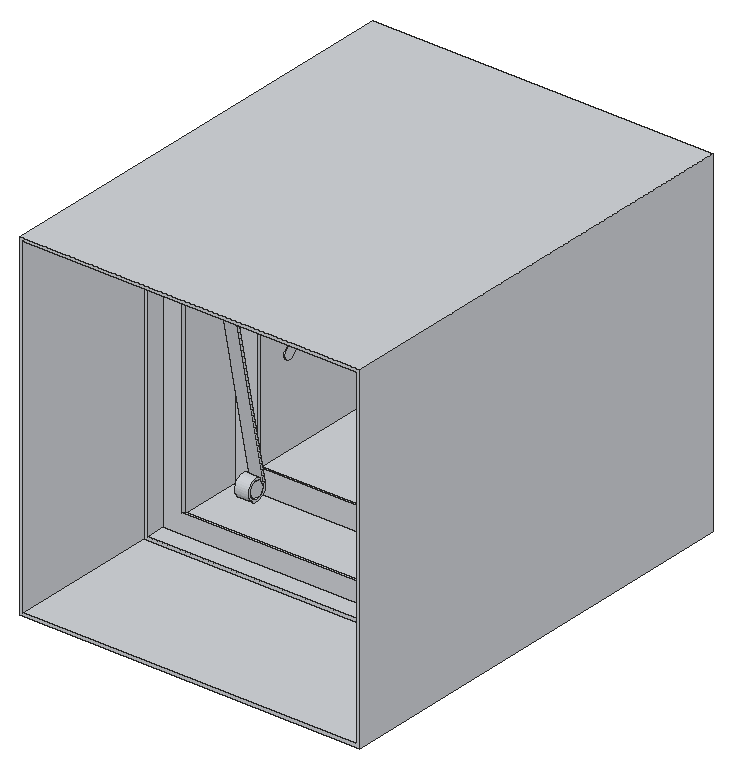
Revit family "IBDFS-AH f", category Duct Accessories, Revit 2017
Family settings
  Round Connector Dimension = Use Diameter
  Part Type = Damper
  Work Plane-Based = No
  Always vertical = Yes
  Cut with Voids When Loaded = No
  Shared = No
Parameters (values of type "Default")
  Width(A) [instance] = if(A < 100 mm, 100 mm, if(A > 1200 mm, 1200 mm, A))  # 300 mm
  Min. C = "390mm"
  Min. B = "180mm"
  Min. A = "100mm"
  Max. C = "700mm"
  Max. B = "1200mm"
  Max. A = "1200mm"
  Height(B) [instance] = if(B < 180 mm, 180 mm, if(B > 1200 mm, 1200 mm, B))  # 300 mm
  Finish = none
  Depth(C) [instance] = if(C < 390 mm, 390 mm, if(C > 700 mm, 700 mm, C))  # 390 mm
  C [instance] = 202 mm
  B [instance] = 300 mm
  A [instance] = 300 mm
Reference planes
  plane 1 "Center (Front/Back)": y = 0
  plane 2: z = 0
  plane 3 "Center (Left/Right)": x = 0
  plane 4: z = 150
  plane 5: z = -150
  plane 6: x = 150
  plane 7: x = -150
  plane 8: y = 195
  plane 9: y = -195
  plane 10: z = 147.5
  plane 11: x = -147.5
  plane 12: z = -147.5
  plane 13: x = 147.5
  plane 14: z = 147.5
  plane 15: z = 77.5
  plane 16: y = -36
  plane 17: y = 34
  plane 18: y = 34
  plane 19: x = -147.5
  plane 20: x = 147.5
  plane 21: z = -147.5
  plane 22: z = 147.5
  plane 23: x = -120
  plane 24: x = -132
  plane 25: z = 77.296
  plane 26: z = 77.296
  plane 27: x = 120
  plane 28: x = 132
Forms (mm)
  Extrusion 1, solid, material <- "Finish"
    sketch origin (0, -101, 0) x (1, 0, 0) y (0, 0, 1)
      loop
        line (150, 150) -> (-150, 150) -> (-150, -150) -> (150, -150) -> (150, 150)
      loop
        line (-147.5, 147.5) -> (-147.5, -147.5) -> (147.5, -147.5) -> (147.5, 147.5) -> (-147.5, 147.5)
    from -296 to 94
  Extrusion 2, solid, material <- "Finish"
    sketch origin (147.5, -1, 112.5) x (0, 1, 0) y (0, 0, 1)
      loop
        line (-35, -35) -> (35, -35) -> (35, -30.551)
        arc (35, -30.551) -> (41.312, -25.727) -> (35, -20.902) r 5
        line (35, -20.902) -> (35, -12.551)
        arc (35, -12.551) -> (41.312, -7.727) -> (35, -2.902) r 5
        line (35, -2.902) -> (35, 5.449)
        arc (35, 5.449) -> (41.312, 10.273) -> (35, 15.098) r 5
        line (35, 15.098) -> (35, 23.449)
        arc (35, 23.449) -> (41.312, 28.273) -> (35, 33.098) r 5
        line (35, 33.098) -> (35, 35) -> (-35, 35) -> (-35, 33.016)
        arc (-35, 33.016) -> (-41.12, 30.457) -> (-35, 27.899) r 3.595
        line (-35, 27.899) -> (-35, 18.016)
        arc (-35, 18.016) -> (-41.12, 15.457) -> (-35, 12.899) r 3.595
        line (-35, 12.899) -> (-35, 3.016)
        arc (-35, 3.016) -> (-41.12, 0.457) -> (-35, -2.101) r 3.595
        line (-35, -2.101) -> (-35, -11.984)
        arc (-35, -11.984) -> (-41.12, -14.543) -> (-35, -17.101) r 3.595
        line (-35, -17.101) -> (-35, -26.984)
        arc (-35, -26.984) -> (-41.12, -29.543) -> (-35, -32.101) r 3.595
        line (-35, -32.101) -> (-35, -35)
    from 0 to -295
  Sweep 3, solid, material <- "Finish"
    path origin (0, 0, 0) x (1, 0, 0) y (0, 0, 1)
      loop
        line (147.5, 147.5) -> (-147.5, 147.5) -> (-147.5, -147.5) -> (147.5, -147.5) -> (147.5, 147.5)
    profile origin (0, 0, 147.5) x (0, 0, -1) y (0, -1, 0)
      loop
        line (0, 61) -> (0, 41) -> (20, 41) -> (20, 44) -> (3, 44) -> (3, 61) -> (0, 61)
      loop
        line (20, -39) -> (0, -39) -> (0, -59) -> (3, -59) -> (3, -42) -> (20, -42) -> (20, -39)
  Extrusion 4, solid, material <- "Finish"
    sketch origin (10, -64.424, 91) x (0, 0, 1) y (0, -1, 0)
      loop
        line (56.5, 0) -> (56.5, 15) -> (55, 15) -> (55, 1.5) -> (0, 1.5) -> (0, 15) -> (-1.5, 15) -> (-1.5, 0) -> (56.5, 0)
      loop
        line (56.5, -142.097) -> (56.5, -127.097) -> (-1.5, -127.097) -> (-1.5, -142.097) -> (0, -142.097) -> (0, -128.597) -> (55, -128.597) -> (55, -142.097) -> (56.5, -142.097)
    from 0 to -20
  Extrusion 5, solid, material <- "Finish"
    sketch origin (0.393, -71.57, 71.923) x (0, 0.999998, -0.001994) y (0, 0.001994, 0.999998)
      loop
        line (139.919, 5.013) -> (0.831, 5.013)
        arc (0.831, 5.013) -> (-5.081, -0.072) -> (0.972, -4.987) r 5.081
        line (0.972, -4.987) -> (139.919, -4.987)
        arc (139.919, -4.987) -> (144.919, 0.013) -> (139.919, 5.013) r 5
    from 0 to -2
  Extrusion 6, solid, material <- "Finish"
    sketch origin (0, -76.441, 71.385) x (0, 0, 1) y (-1, 0, 0)
      loop
        line (17.285, 10) -> (17.285, 3.5) -> (-7.695, 3.5)
        arc (-7.695, 3.5) -> (-8.402, 3.207) -> (-8.695, 2.5) r 1
        line (-8.695, 2.5) -> (-8.695, -2.5)
        arc (-8.695, -2.5) -> (-8.402, -3.207) -> (-7.695, -3.5) r 1
        line (-7.695, -3.5) -> (17.115, -3.5) -> (17.115, -10) -> (18.115, -10) -> (18.115, -3.5)
        arc (18.115, -3.5) -> (17.822, -2.793) -> (17.115, -2.5) r 1
        line (17.115, -2.5) -> (-6.047, -2.5)
        arc (-6.047, -2.5) -> (-6.754, -2.207) -> (-7.047, -1.5) r 1
        line (-7.047, -1.5) -> (-7.047, 1.5)
        arc (-7.047, 1.5) -> (-6.754, 2.207) -> (-6.047, 2.5) r 1
        line (-6.047, 2.5) -> (17.285, 2.5)
        arc (17.285, 2.5) -> (17.993, 2.793) -> (18.285, 3.5) r 1
        line (18.285, 3.5) -> (18.285, 10) -> (17.285, 10)
    from 0 to -10
  Extrusion 7, solid, material <- "Finish"
    sketch origin (1.393, -86.483, 63.404) x (0, 1, 0) y (0, 0, 1)
      loop
        line (23.431, 21.557) -> (8.226, 10.328)
        spline (8.226, 10.328) -> (7.934, 10.371) -> (7.648, 10.37) -> (7.369, 10.33) -> (7.095, 10.259) -> (6.826, 10.163) -> (6.56, 10.048) -> (6.298, 9.92) -> (6.039, 9.785) -> (5.782, 9.651) -> (5.525, 9.523) -> (5.269, 9.407) -> (5.013, 9.31)
        line (5.013, 9.31) -> (-4.301, 2.549)
        arc (-4.301, 2.549) -> (-4.045, -2.94) -> (1.096, -4.878) r 5
        line (1.096, -4.878) -> (16.107, 6.908)
        arc (16.107, 6.908) -> (13.117, 7.382) -> (13.813, 10.328) r 2.065
        line (13.813, 10.328) -> (25.118, 19.581)
        arc (25.118, 19.581) -> (24.639, 20.88) -> (23.431, 21.557) r 2
      loop
        circle (-1.74, -2.277) r 0.75
    from 0 to -1
  Extrusion 8, solid, material <- "Finish"
    sketch origin (1.393, 83.238, 63.227) x (0, -0.00691, 0.999976) y (0, -0.999976, -0.00691)
      loop
        line (10.328, 8.226) -> (21.557, 23.431)
        arc (21.557, 23.431) -> (20.88, 24.639) -> (19.581, 25.118) r 2
        line (19.581, 25.118) -> (10.328, 13.813)
        arc (10.328, 13.813) -> (7.382, 13.117) -> (6.908, 16.107) r 2.065
        line (6.908, 16.107) -> (-4.878, 1.096)
        arc (-4.878, 1.096) -> (-2.94, -4.045) -> (2.549, -4.301) r 5
        line (2.549, -4.301) -> (9.31, 5.013)
        spline (9.31, 5.013) -> (9.407, 5.269) -> (9.523, 5.525) -> (9.651, 5.782) -> (9.785, 6.039) -> (9.92, 6.298) -> (10.048, 6.56) -> (10.163, 6.826) -> (10.259, 7.095) -> (10.33, 7.369) -> (10.37, 7.648) -> (10.371, 7.934) -> (10.328, 8.226)
      loop
        circle (-2.278, -1.747) r 0.75
    from 0 to -1
  Extrusion 9, solid, material <- "Finish"
    sketch origin (3.393, -71.652, 71.936) x (0, 0.999998, -0.001994) y (0, 0.001994, 0.999998)
      loop
        circle (140.004, 0.003) r 1.5
      loop
        circle (0, 0.001) r 1.5
    from 0 to -8
  Extrusion 10, solid, material <- "Finish"
    sketch origin (0, 63.348, 71.385) x (1, 0, 0) y (0, 0, 1)
      loop
        line (-3.5, 18.115) -> (-10, 18.115) -> (-10, 17.115) -> (-3.5, 17.115) -> (-3.5, -7.695)
        arc (-3.5, -7.695) -> (-3.207, -8.402) -> (-2.5, -8.695) r 1
        line (-2.5, -8.695) -> (2.5, -8.695)
        arc (2.5, -8.695) -> (3.207, -8.402) -> (3.5, -7.695) r 1
        line (3.5, -7.695) -> (3.5, 17.285) -> (10, 17.285) -> (10, 18.285) -> (3.5, 18.285)
        arc (3.5, 18.285) -> (2.793, 17.993) -> (2.5, 17.285) r 1
        line (2.5, 17.285) -> (2.5, -6.047)
        arc (2.5, -6.047) -> (2.207, -6.754) -> (1.5, -7.047) r 1
        line (1.5, -7.047) -> (-1.5, -7.047)
        arc (-1.5, -7.047) -> (-2.207, -6.754) -> (-2.5, -6.047) r 1
        line (-2.5, -6.047) -> (-2.5, 17.115)
        arc (-2.5, 17.115) -> (-2.793, 17.822) -> (-3.5, 18.115) r 1
    from 0 to -10
  Extrusion 11, solid, material <- "Finish"
    sketch origin (-120, 28.905, -138.183) x (0, 1, 0) y (0, 0, 1)
      loop
        line (-36.243, 207.895) -> (7.42, 1.57)
        arc (7.42, 1.57) -> (7.543, 0.789) -> (7.584, 0) r 7.584
        arc (7.584, 0) -> (-6.313, -4.204) -> (2.924, 6.998) r 7.584
        line (2.924, 6.998) -> (3.898, 7.968)
        arc (3.898, 7.968) -> (-7.58, -5.239) -> (9.212, -0.317) r 9.117
        arc (9.212, -0.317) -> (9.162, 0.632) -> (9.014, 1.57) r 9.117
        line (9.014, 1.57) -> (-34.463, 207.02)
        arc (-34.463, 207.02) -> (-36.373, 211.726) -> (-39.794, 215.479) r 14.43
        line (-39.794, 215.479) -> (-44.348, 215.479)
        arc (-44.348, 215.479) -> (-39.102, 212.963) -> (-36.243, 207.895) r 9.687
      loop
        line (-4.217, -5.758) -> (2.862, -6.357) -> (6.919, -0.526) -> (3.898, 5.903) -> (-3.18, 6.502) -> (-7.237, 0.671) -> (-4.217, -5.758)
    from 0 to -12
  Extrusion 12, solid, material <- "Finish"
    sketch origin (120, 28.905, -138.183) x (0, 1, 0) y (0, 0, -1)
      loop
        line (7.42, -1.57) -> (-36.243, -207.895)
        arc (-36.243, -207.895) -> (-39.102, -212.963) -> (-44.348, -215.479) r 9.687
        line (-44.348, -215.479) -> (-39.794, -215.479)
        arc (-39.794, -215.479) -> (-36.373, -211.726) -> (-34.463, -207.02) r 14.43
        line (-34.463, -207.02) -> (9.014, -1.57)
        arc (9.014, -1.57) -> (9.162, -0.632) -> (9.212, 0.317) r 9.117
        arc (9.212, 0.317) -> (-7.58, 5.239) -> (3.898, -7.968) r 9.117
        line (3.898, -7.968) -> (2.924, -6.998)
        arc (2.924, -6.998) -> (-6.313, 4.204) -> (7.584, 0) r 7.584
        arc (7.584, 0) -> (7.543, -0.789) -> (7.42, -1.57) r 7.584
      loop
        line (-3.18, -6.502) -> (3.898, -5.903) -> (6.919, 0.526) -> (2.862, 6.357) -> (-4.217, 5.758) -> (-7.237, -0.671) -> (-3.18, -6.502)
    from 0 to -12
  Extrusion 13, void
    sketch origin (0, 0, 0) x (0, 1, 0) y (0, 0, 1)
      loop
        arc (-69.941, 76.595) -> (-71.441, 77.819) -> (-72.941, 76.595) r 1.531
        line (-72.941, 76.595) -> (-72.941, 59.545) -> (-69.941, 59.545) -> (-69.941, 76.595)
      loop
        arc (69.848, 76.595) -> (68.348, 77.814) -> (66.848, 76.595) r 1.532
        line (66.848, 76.595) -> (66.848, 59.545) -> (69.848, 59.545) -> (69.848, 76.595)
    from -3.5 to 3.5
Cuts and joins
  Extrusion 13 cuts Extrusion 6
  Extrusion 13 cuts Extrusion 10
Dimensions and locks
  "Width(A)": plane 7 to plane 6
  "Height(B)": plane 4 to plane 5
  equal spacing: plane 7, plane 3 "Center (Left/Right)", plane 6
  equal spacing: plane 4, level, plane 5
  "Depth(C)": plane 9 to plane 8
  equal spacing: plane 9, plane 1 "Center (Front/Back)", plane 8
  locked: plane 4 to plane 10 at 2.5
  locked: plane 12 to plane 5 at 2.5
  locked: plane 7 to plane 11 at 2.5
  locked: plane 6 to plane 13 at 2.5
  locked: plane 6 to plane 20 at 2.5
  locked: plane 7 to plane 19 at 2.5
  locked: plane 15 to plane 14 at 70
  locked: plane 4 to plane 14 at 2.5
  locked: plane 4 to plane 22 at 2.5
  locked: plane 21 to plane 5 at 2.5
  locked: plane 7 to plane 23 at 30
  locked: plane 24 to plane 23 at 12
  locked: Extrusion 4 sketch curve to Extrusion 4 sketch curve at 1.5  (x6)
  locked: Extrusion 4 sketch curve to Extrusion 4 sketch curve at 55  (x2)
  locked: Extrusion 5 sketch curve to Extrusion 5 sketch curve at 10
  locked: plane 4 to Extrusion 5 sketch curve at 78.077
  locked: plane 4 to Extrusion 5 sketch curve at 78.343
  locked: plane 4 to Extrusion 9 sketch curve at 78.063
  locked: plane 4 to Extrusion 9 sketch curve at 78.341
  locked: Extrusion 6 sketch curve to Extrusion 6 sketch curve at 1  (x2)
  locked: Extrusion 10 to Extrusion 10 at 1.647
  locked: plane 4 to Extrusion 6 sketch curve at 60.329
  locked: Extrusion 10 sketch curve to Extrusion 10 sketch curve at 1  (x2)
  locked: Extrusion 10 sketch curve to Extrusion 10 sketch curve at 1.647
  locked: plane 4 to Extrusion 10 sketch curve at 60.5
  locked: plane 4 to Extrusion 10 sketch curve at 60.329
  locked: Extrusion 10 sketch curve to Extrusion 10 sketch curve at 24.162
  locked: Extrusion 5 sketch curve to plane 1 "Center (Front/Back)" at 71.57
  locked: plane 1 "Center (Front/Back)" to Extrusion 5 sketch curve at 68.348
  locked: Extrusion 9 sketch curve to plane 1 "Center (Front/Back)" at 71.652
  locked: plane 1 "Center (Front/Back)" to Extrusion 9 sketch curve at 68.352
  locked: Extrusion 13 sketch curve to Extrusion 13 sketch curve at 16.742
  locked: Extrusion 13 sketch curve to Extrusion 13 sketch curve at 16.736
  locked: Extrusion 13 sketch curve to plane 4 at 90.455  (x2)
  locked: Extrusion 13 to Extrusion 13 at 7
  locked: Extrusion 13 to plane 3 "Center (Left/Right)" at 3.5
  locked: Extrusion 13 sketch curve to Extrusion 13 sketch curve at 3  (x2)
  locked: plane 1 "Center (Front/Back)" to Extrusion 13 sketch curve at 69.848
  locked: Extrusion 13 sketch curve to plane 1 "Center (Front/Back)" at 72.941
  locked: plane 4 to Extrusion 7 sketch curve at 67.015
  locked: plane 4 to Extrusion 7 sketch curve at 88.874
  locked: Extrusion 7 sketch curve to plane 1 "Center (Front/Back)" at 63.365
  locked: Extrusion 7 sketch curve to plane 1 "Center (Front/Back)" at 88.223
  locked: plane 4 to Extrusion 8 sketch curve at 89.039
  locked: plane 4 to Extrusion 8 sketch curve at 67.351
  locked: plane 1 "Center (Front/Back)" to Extrusion 8 sketch curve at 59.985
  locked: plane 1 "Center (Front/Back)" to Extrusion 8 sketch curve at 85.001
  locked: Extrusion 11 sketch curve to plane 25 at 9.589
  locked: Extrusion 11 sketch curve to plane 25 at 11.446
  locked: plane 25 to plane 4 at 72.704
  locked: plane 5 to Extrusion 11 sketch curve at 11.5
  locked: plane 5 to Extrusion 11 sketch curve at 11.817
  locked: plane 1 "Center (Front/Back)" to Extrusion 11 sketch curve at 28.905
  locked: plane 1 "Center (Front/Back)" to Extrusion 11 sketch curve at 29
  locked: Extrusion 11 sketch curve to plane 1 "Center (Front/Back)" at 16.815
  locked: Extrusion 11 sketch curve to plane 1 "Center (Front/Back)" at 19.675
  locked: plane 26 to plane 4 at 72.704
  locked: plane 4 to Extrusion 12 sketch curve at 82.293
  locked: Extrusion 12 sketch curve to plane 1 "Center (Front/Back)" at 16.815
  locked: Extrusion 12 sketch curve to plane 1 "Center (Front/Back)" at 19.675
  locked: plane 4 to Extrusion 12 sketch curve at 84.15
  locked: plane 5 to Extrusion 12 sketch curve at 11.817
  locked: plane 1 "Center (Front/Back)" to Extrusion 12 sketch curve at 28.905
  locked: plane 5 to Extrusion 12 sketch curve at 11.5
  locked: plane 1 "Center (Front/Back)" to Extrusion 12 sketch curve at 29
  plane 27 to plane 28 = 12 mm
  locked: plane 27 to plane 6 at 30
  locked: Extrusion 4 sketch curve to plane 1 "Center (Front/Back)" at 64.424
  locked: plane 1 "Center (Front/Back)" to Extrusion 4 sketch curve at 62.673
  locked: Extrusion 4 sketch curve to Extrusion 4 sketch curve at 13.5  (x2)
  aligned and locked: level to plane 2
  aligned and locked: plane 4 to Extrusion 1 sketch curve
  aligned and locked: plane 6 to Extrusion 1 sketch curve
  aligned and locked: plane 5 to Extrusion 1 sketch curve
  aligned and locked: plane 7 to Extrusion 1 sketch curve
  aligned and locked: Extrusion 1 sketch curve to plane 10
  aligned and locked: plane 13 to Extrusion 1 sketch curve
  aligned and locked: plane 12 to Extrusion 1 sketch curve
  aligned and locked: Extrusion 1 sketch curve to plane 11
  aligned and locked: Extrusion 1 to plane 8
  aligned and locked: plane 9 to Extrusion 1
  aligned and locked: Extrusion 2 sketch curve to plane 14
  aligned and locked: plane 15 to Extrusion 2 sketch curve
  aligned and locked: plane 16 to Extrusion 2 sketch curve  (x6)
  aligned and locked: Extrusion 2 sketch curve to plane 18  (x5)
  aligned and locked: plane 19 to Extrusion 2
  aligned and locked: Extrusion 2 to plane 20
  aligned and locked: Sweep 3 sketch curve to plane 19
  aligned and locked: Sweep 3 sketch curve to plane 22
  aligned and locked: Sweep 3 sketch curve to plane 20
  aligned and locked: Sweep 3 sketch curve to plane 21
  aligned and locked: Extrusion 4 sketch curve to plane 22  (x2)
  aligned and locked: Extrusion 11 sketch curve to plane 25
  aligned and locked: plane 26 to Extrusion 12 sketch curve
  aligned and locked: plane 24 to Extrusion 11
  aligned and locked: Extrusion 11 to plane 23
  aligned and locked: plane 27 to Extrusion 12
  aligned and locked: Extrusion 12 to plane 28
Automatic sketch dimensions
  plane 16 to Extrusion 2 sketch curve = 2.525 mm  (x5)
  plane 17 to Extrusion 2 sketch curve = 1.312 mm  (x4)
  Extrusion 2 sketch curve to plane 15 = 2.899 mm
  Extrusion 2 sketch curve to Extrusion 2 sketch curve = 4.449 mm
  Extrusion 2 sketch curve to Extrusion 2 sketch curve = 2.559 mm  (x5)
  Extrusion 2 sketch curve to Extrusion 2 sketch curve = 4.825 mm  (x4)
  Extrusion 2 sketch curve to Extrusion 2 sketch curve = 9.883 mm  (x3)
  Extrusion 2 sketch curve to Extrusion 2 sketch curve = 8.351 mm  (x3)
  plane 14 to Extrusion 2 sketch curve = 7.101 mm
  Sweep 3 sketch curve to profile plane = 0 mm  (x2)
  Sweep 3 sketch curve to Sweep 3 sketch curve = 3 mm  (x4)
  Sweep 3 sketch curve to Sweep 3 sketch curve = 17 mm  (x4)
  Sweep 3 sketch curve to plane 1 "Center (Front/Back)" = 59 mm
  plane 1 "Center (Front/Back)" to Sweep 3 sketch curve = 41 mm
  Extrusion 4 sketch curve to Extrusion 4 sketch curve = 13.5 mm  (x2)
  Extrusion 5 sketch curve to Extrusion 5 sketch curve = 0.831 mm
  Extrusion 6 sketch curve to Extrusion 6 sketch curve = 1 mm  (x5)
  Extrusion 6 sketch curve to Extrusion 6 sketch curve = 0 mm  (x3)
  Extrusion 7 sketch curve to Extrusion 7 sketch curve = 1.74 mm
  Extrusion 7 sketch curve to Extrusion 7 sketch curve = 8.8 mm
  Extrusion 7 sketch curve to Extrusion 7 sketch curve = 3.213 mm
  Extrusion 7 sketch curve to Extrusion 7 sketch curve = 1.275 mm
  Extrusion 6 sketch curve to Extrusion 6 sketch curve = 6.5 mm  (x2)
  Extrusion 6 sketch curve to Extrusion 6 sketch curve = 3 mm
  Extrusion 7 sketch curve to Extrusion 7 sketch curve = 4.301 mm
  Extrusion 7 sketch curve to Extrusion 7 sketch curve = 2.837 mm
  Extrusion 7 sketch curve to Extrusion 7 sketch curve = 0.313 mm
  Extrusion 7 sketch curve to Extrusion 7 sketch curve = 2 mm
  Extrusion 7 sketch curve to Extrusion 7 sketch curve = 2.277 mm
  Extrusion 7 sketch curve to Extrusion 7 sketch curve = 1.018 mm  (x2)
  Extrusion 7 sketch curve to Extrusion 7 sketch curve = 5.013 mm
  Extrusion 7 sketch curve to Extrusion 7 sketch curve = 2.601 mm
  Extrusion 7 sketch curve to Extrusion 7 sketch curve = 6.908 mm
  Extrusion 7 sketch curve to Extrusion 7 sketch curve = 1.624 mm
  Extrusion 7 sketch curve to Extrusion 7 sketch curve = 9.253 mm
  Extrusion 7 sketch curve to Extrusion 7 sketch curve = 0.001 mm
  Extrusion 6 sketch curve to Extrusion 6 sketch curve = 23.162 mm
  Extrusion 6 sketch curve to Extrusion 6 sketch curve = 0.647 mm
  Extrusion 6 sketch curve to plane 3 "Center (Left/Right)" = 2.5 mm
  Extrusion 6 sketch curve to Extrusion 6 sketch curve = 0.171 mm
  Extrusion 10 sketch curve to Extrusion 10 sketch curve = 0 mm  (x3)
  Extrusion 10 sketch curve to Extrusion 10 sketch curve = 1 mm  (x4)
  Extrusion 13 sketch curve to Extrusion 13 sketch curve = 1.5 mm  (x2)
  Extrusion 13 sketch curve to Extrusion 13 sketch curve = 0.308 mm
  Extrusion 13 sketch curve to Extrusion 13 sketch curve = 0.314 mm
  Extrusion 8 sketch curve to Extrusion 8 sketch curve = 2.6 mm
  Extrusion 8 sketch curve to Extrusion 8 sketch curve = 2.278 mm
  Extrusion 8 sketch curve to Extrusion 8 sketch curve = 2.549 mm
  Extrusion 8 sketch curve to Extrusion 8 sketch curve = 6.908 mm
  Extrusion 8 sketch curve to Extrusion 8 sketch curve = 1.624 mm
  Extrusion 8 sketch curve to Extrusion 8 sketch curve = 0.778 mm
  Extrusion 8 sketch curve to Extrusion 8 sketch curve = 1.796 mm
  Extrusion 8 sketch curve to Extrusion 8 sketch curve = 1.018 mm  (x2)
  Extrusion 8 sketch curve to Extrusion 8 sketch curve = 0.001 mm
  Extrusion 8 sketch curve to Extrusion 8 sketch curve = 1.975 mm
  Extrusion 8 sketch curve to Extrusion 8 sketch curve = 1.096 mm
  Extrusion 8 sketch curve to Extrusion 8 sketch curve = 1.747 mm
  Extrusion 8 sketch curve to Extrusion 8 sketch curve = 5.013 mm
  Extrusion 8 sketch curve to Extrusion 8 sketch curve = 3.213 mm
  Extrusion 8 sketch curve to Extrusion 8 sketch curve = 5.587 mm
  Extrusion 8 sketch curve to Extrusion 8 sketch curve = 0.313 mm
  Extrusion 11 sketch curve to Extrusion 11 sketch curve = 0 mm  (x2)
  Extrusion 11 sketch curve to Extrusion 11 sketch curve = 1.372 mm
  Extrusion 11 sketch curve to Extrusion 11 sketch curve = 4.555 mm
  plane 1 "Center (Front/Back)" to Extrusion 11 sketch curve = 7.338 mm
  Extrusion 11 sketch curve to Extrusion 11 sketch curve = 1.78 mm
  plane 21 to Extrusion 11 sketch curve = 9.988 mm
  plane 21 to Extrusion 11 sketch curve = 3.559 mm
  Extrusion 11 sketch curve to Extrusion 11 sketch curve = 3.021 mm
  Extrusion 11 sketch curve to Extrusion 11 sketch curve = 4.057 mm
  Extrusion 11 sketch curve to Extrusion 11 sketch curve = 4.217 mm
  plane 21 to Extrusion 11 sketch curve = 2.961 mm
  Extrusion 11 sketch curve to Extrusion 11 sketch curve = 2.767 mm
  Extrusion 11 sketch curve to Extrusion 11 sketch curve = 6.104 mm
  plane 21 to Extrusion 11 sketch curve = 15.221 mm
  Extrusion 11 sketch curve to Extrusion 11 sketch curve = 0.974 mm  (x2)
  plane 21 to Extrusion 11 sketch curve = 8.791 mm
  Extrusion 11 sketch curve to Extrusion 11 sketch curve = 6.825 mm
  plane 21 to Extrusion 11 sketch curve = 10.888 mm
  Extrusion 11 sketch curve to Extrusion 11 sketch curve = 0.5 mm
  Extrusion 11 sketch curve to Extrusion 11 sketch curve = 1.595 mm
  Extrusion 11 sketch curve to Extrusion 11 sketch curve = 5.831 mm
  Extrusion 11 sketch curve to Extrusion 11 sketch curve = 0.971 mm
  Extrusion 12 sketch curve to Extrusion 12 sketch curve = 0 mm  (x3)
  Extrusion 12 sketch curve to Extrusion 12 sketch curve = 1.372 mm
  Extrusion 12 sketch curve to Extrusion 12 sketch curve = 4.555 mm
  plane 1 "Center (Front/Back)" to Extrusion 12 sketch curve = 7.338 mm
  Extrusion 12 sketch curve to Extrusion 12 sketch curve = 1.78 mm
  plane 21 to Extrusion 12 sketch curve = 9.988 mm
  plane 21 to Extrusion 12 sketch curve = 3.559 mm
  Extrusion 12 sketch curve to Extrusion 12 sketch curve = 3.021 mm
  Extrusion 12 sketch curve to Extrusion 12 sketch curve = 4.057 mm
  Extrusion 12 sketch curve to Extrusion 12 sketch curve = 4.217 mm
  plane 21 to Extrusion 12 sketch curve = 2.961 mm
  Extrusion 12 sketch curve to Extrusion 12 sketch curve = 2.767 mm
  Extrusion 12 sketch curve to Extrusion 12 sketch curve = 3.898 mm
  plane 21 to Extrusion 12 sketch curve = 8.791 mm
  Extrusion 12 sketch curve to Extrusion 12 sketch curve = 6.825 mm
  plane 21 to Extrusion 12 sketch curve = 10.888 mm  (x2)
  Extrusion 12 sketch curve to Extrusion 12 sketch curve = 0.5 mm
  Extrusion 12 sketch curve to Extrusion 12 sketch curve = 1.595 mm
  Extrusion 12 sketch curve to Extrusion 12 sketch curve = 2.065 mm
  Extrusion 12 sketch curve to Extrusion 12 sketch curve = 5.831 mm
  Extrusion 12 sketch curve to Extrusion 12 sketch curve = 0.974 mm
  Extrusion 10 sketch curve to plane 3 "Center (Left/Right)" = 10 mm
  Extrusion 10 sketch curve to plane 3 "Center (Left/Right)" = 3.5 mm
  plane 3 "Center (Left/Right)" to Extrusion 10 sketch curve = 1.5 mm
  plane 3 "Center (Left/Right)" to Extrusion 10 sketch curve = 2.5 mm
  Extrusion 10 sketch curve to Extrusion 10 sketch curve = 6.5 mm
  radius of Extrusion 7 sketch curve = 0.75 mm
  radius of Extrusion 9 sketch curve = 1.5 mm  (x2)
  radius of Extrusion 8 sketch curve = 0.75 mm
Connectors
  hvac at (0, -195, 0), driven by "Height(B)", driven by "Width(A)"
    settings: on Extrusion 1, index 1, duct flow 0.0 L/s, flow factor 0, pres drop 0.0 Pa, loss coef 0, conn angle 0.00°, conn width 300 mm, conn height 300 mm, conn diameter 609.6 mm, duct sys type 29, conn prof type 1, flow config 0, flow direction 0, loss method 0, conn ref index -1, conn util no, is conn primary yes, conn desc ""
  hvac at (0, 195, 0), driven by "Height(B)", driven by "Width(A)"
    settings: on Extrusion 1, index 2, duct flow 0.0 L/s, flow factor 0, pres drop 0.0 Pa, loss coef 0, conn angle 0.00°, conn width 300 mm, conn height 300 mm, conn diameter 609.6 mm, duct sys type 29, conn prof type 1, flow config 0, flow direction 0, loss method 0, conn ref index -1, conn util no, is conn primary no, conn desc ""
